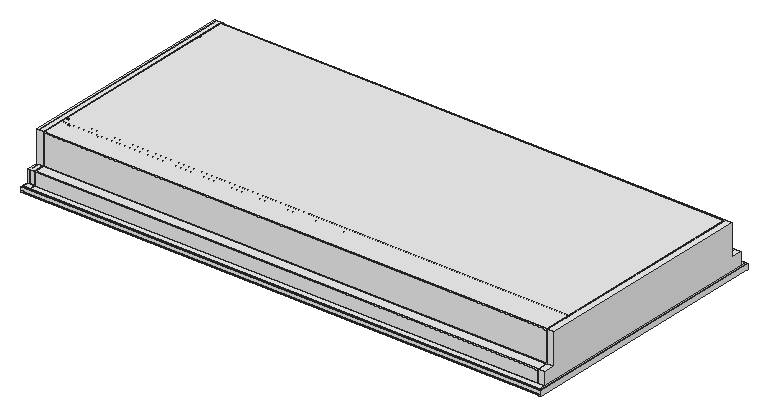
Revit family "CRUo", category Lighting Fixtures, host Ceiling, Revit 2023
Family settings
  Host = Ceiling
  Round Connector Dimension = Use Diameter
  Part Type = Normal
  OmniClass Number = 23.80.70.11.14.17
  OmniClass Title = Direct/Indirect
  Always vertical = Yes
  Cut with Voids When Loaded = No
  Light Source = Yes
  Maintain Annotation Orientation = No
  Shared = No
  Room Calculation Point = No
Parameters (values of type "CRUo-2X4-LED840K120LUNV-P103")
  Width = 1' - 11 3/4"
  Wattage = 99.0488 W
  built-in parameter 1150110 = 1 (stored number, unit not read)
  Voltage = 120 V
  URL = "https://viscor.com/products/cruo"
  built-in parameter 1114217 = 0.9 (stored number, unit not read)
  Tilt Angle = 90.00°
  built-in parameter 1150109 = 1 (stored number, unit not read)
  built-in parameter 1150134 = 12
  built-in parameter 1150113 = 1 (stored number, unit not read)
  Photometric Web File = "CRUo-2X4-LED840K120LUNV-P103.ies"
  Model = "CRUo"  # constant formula
  Manufacturer = "Certolux By Viscor"  # constant formula
  Lumens = 11975 lm
  built-in parameter 1150115 = 1 (stored number, unit not read)
  built-in parameter 1150105 = 952.94 (stored number, unit not read)
  built-in parameter 1150137 = (empty or 0)
  built-in parameter 1150139 = (empty or 0)
  Lens Finish = Polycarbonate - Viscor - Clear Lens
  Length = 3' - 11 3/4"
  Lamp Wattage = 99 VA
  built-in parameter 1150112 = 1 (stored number, unit not read)
  built-in parameter 1150114 = 1 (stored number, unit not read)
  Lamp = "LED"  # constant formula
  built-in parameter 1150132 = (empty or 0)
  built-in parameter 1150102 = (empty or 0)
  built-in parameter 1150138 = (empty or 0)
  built-in parameter 1150107 = 4000 (stored number, unit not read)
  built-in parameter 1150106 = 9.5294 (stored number, unit not read)
  Housing Finish = Metal - Viscor - White
  Emit from Rectangle Width = Width  # 1' - 11 3/4"
  Emit from Rectangle Length = Length  # 3' - 11 3/4"
  Emit Shape Visible in Rendering = no
  built-in parameter 1150104 = 11.232 (stored number, unit not read)
  Dimming Lamp Color Temperature Shift = <None>
  Description = "LED Cleanroom Recessed with Overlapping Doorframe"  # constant formula
  Default Elevation = 0' - 0"
  Color Filter = 16777215
  built-in parameter 1114218 = 1 (stored number, unit not read)
  built-in parameter 1150133 = 10 (stored number, unit not read)
  Assembly Code = ""
  Apparent Load = Lamp Wattage  # 99 VA
Types (16): name | Width | Wattage | Photometric Web File | Lumens | built-in parameter 1150105 | Lens Finish | Length | Lamp Wattage | built-in parameter 1150106 | Emit from Rectangle Width | Emit from Rectangle Length | built-in parameter 1150104 | Assembly Code | Apparent Load
  (no name) | 1' - 11 3/4" | 99.0488 W | "CRUo-2X4-LED840K120LUNV-P103.ies" | 11975 lm | 952.94 (stored number, unit not read) | Polycarbonate - Viscor - Clear Lens | 3' - 11 3/4" | 99 VA | 9.5294 (stored number, unit not read) | 1' - 11 3/4" | 3' - 11 3/4" | 11.232 (stored number, unit not read) | "" | 99 VA
  CRUo-1X4-LED840K035LUNV-DSA | 0' - 11 3/4" | 32 W | "CRUo-1X4-LED840K035LUNV-DSA.ies" | 3584 lm | 285.21 (stored number, unit not read) | Acrylic - Viscor - Frosted Prismatic P12 | 3' - 11 3/4" | 32 VA | 2.8521 (stored number, unit not read) | 0' - 11 3/4" | 3' - 11 3/4" | 10.405 (stored number, unit not read) | "" | 32 VA
  CRUo-2X2-LED840K035LUNV-DSA | 1' - 11 3/4" | 31 W | "CRUo-2X2-LED840K035LUNV-DSA.ies" | 3565 lm | 283.69 (stored number, unit not read) | Acrylic - Viscor - Frosted Prismatic P12 | 1' - 11 3/4" | 31 VA | 2.8369 (stored number, unit not read) | 1' - 11 3/4" | 1' - 11 3/4" | 10.684 (stored number, unit not read) | "" | 31 VA
  CRUo-2X4-LED840K055LUNV-DSA | 1' - 11 3/4" | 45 W | "CRUo-2X4-LED840K55LUNV-DSA.IES" | 5535 lm | 440.46 (stored number, unit not read) | Acrylic - Viscor - Frosted Prismatic P12 | 3' - 11 3/4" | 45 VA | 4.4046 (stored number, unit not read) | 1' - 11 3/4" | 3' - 11 3/4" | 11.427 (stored number, unit not read) | "" | 45 VA
  CRUo-1X4-LED840K055LUNV-DSA | 0' - 11 3/4" | 51 W | "CRUo-1X4-LED840K055LUNV-DSA.ies" | 5559 lm | 442.37 (stored number, unit not read) | Acrylic - Viscor - Frosted Prismatic P12 | 3' - 11 3/4" | 51 VA | 4.4237 (stored number, unit not read) | 0' - 11 3/4" | 3' - 11 3/4" | 10.126 (stored number, unit not read) | "" | 51 VA
  CRUo-1X4-LED840K070LUNV-DSA | 0' - 11 3/4" | 68 W | "CRUo-1X4-LED840K070LUNV-DSA.ies" | 7072 lm | 562.77 (stored number, unit not read) | Acrylic - Viscor - Frosted Prismatic P12 | 3' - 11 3/4" | 68 VA | 5.6277 (stored number, unit not read) | 0' - 11 3/4" | 3' - 11 3/4" | 9.6619 (stored number, unit not read) | "" | 68 VA
  CRUo-1X4-LED840K100LUNV-DSA | 0' - 11 3/4" | 96 W | "CRUo-1X4-LED840K100LUNV-DSA.ies" | 10080 lm | 802.14 (stored number, unit not read) | Acrylic - Viscor - Frosted Prismatic P12 | 3' - 11 3/4" | 96 VA | 8.0214 (stored number, unit not read) | 0' - 11 3/4" | 3' - 11 3/4" | 9.7548 (stored number, unit not read) | "D5020200" | 96 VA
  CRUo-2X2-LED840K055LUNV-DSA | 1' - 11 3/4" | 50 W | "CRUo-2X2-LED840K055LUNV-DSA.ies" | 5550 lm | 441.65 (stored number, unit not read) | Acrylic - Viscor - Frosted Prismatic P12 | 1' - 11 3/4" | 50 VA | 4.4165 (stored number, unit not read) | 1' - 11 3/4" | 1' - 11 3/4" | 10.312 (stored number, unit not read) | "" | 50 VA
  CRUo-2X2-LED840K070LUNV-DSA | 1' - 11 3/4" | 65 W | "CRUo-2X2-LED840K070LUNV-DSA.ies" | 7020 lm | 558.63 (stored number, unit not read) | Acrylic - Viscor - Frosted Prismatic P12 | 1' - 11 3/4" | 65 VA | 5.5863 (stored number, unit not read) | 1' - 11 3/4" | 1' - 11 3/4" | 10.034 (stored number, unit not read) | "" | 65 VA
  CRUo-2X2-LED840K100LUNV-DSA | 1' - 11 3/4" | 93 W | "CRUo-2X2-LED840K100LUNV-DSA.ies" | 10137 lm | 806.68 (stored number, unit not read) | Acrylic - Viscor - Frosted Prismatic P12 | 1' - 11 3/4" | 93 VA | 8.0668 (stored number, unit not read) | 1' - 11 3/4" | 1' - 11 3/4" | 10.126 (stored number, unit not read) | "" | 93 VA
  CRUo-2X4-LED840K070LUNV-DSA | 1' - 11 3/4" | 59 W | "CRUo-2X4-LED840K70LUNV-DSA.IES" | 7080 lm | 563.41 (stored number, unit not read) | Acrylic - Viscor - Frosted Prismatic P12 | 3' - 11 3/4" | 59 VA | 5.6341 (stored number, unit not read) | 1' - 11 3/4" | 3' - 11 3/4" | 11.148 (stored number, unit not read) | "" | 59 VA
  CRUo-2X4-LED840K100LUNV-DSA | 1' - 11 3/4" | 80 W | "CRUo-2X4-LED840K100LUNV-DSA.ies" | 10080 lm | 802.14 (stored number, unit not read) | Acrylic - Viscor - Frosted Prismatic P12 | 3' - 11 3/4" | 80 VA | 8.0214 (stored number, unit not read) | 1' - 11 3/4" | 3' - 11 3/4" | 11.706 (stored number, unit not read) | "" | 80 VA
  CRUo-2X4-LED840K120LUNV-DSA | 1' - 11 3/4" | 99 W | "CRUo-2X4-LED840K120LUNV-DSA.ies" | 12078 lm | 961.14 (stored number, unit not read) | Acrylic - Viscor - Frosted Prismatic P12 | 3' - 11 3/4" | 99 VA | 9.6114 (stored number, unit not read) | 1' - 11 3/4" | 3' - 11 3/4" | 11.334 (stored number, unit not read) | "" | 99 VA
  CRUo-2X4-LED840K180LUNV-DSA | 1' - 11 3/4" | 143 W | "CRUo-2X4-LED840K180LUNV-DSA.ies" | 18161 lm | 1445.2 (stored number, unit not read) | Acrylic - Viscor - Frosted Prismatic P12 | 3' - 11 3/4" | 143 VA | 14.452 (stored number, unit not read) | 1' - 11 3/4" | 3' - 11 3/4" | 11.799 (stored number, unit not read) | "" | 143 VA
  CRUo-2X4-LED840K240LUNV-DSA | 1' - 11 3/4" | 198 W | "CRUo-2X4-LED840K240LUNV-DSA.ies" | 24156 lm | 1922.3 (stored number, unit not read) | Acrylic - Viscor - Frosted Prismatic P12 | 3' - 11 3/4" | 198 VA | 19.223 (stored number, unit not read) | 1' - 11 3/4" | 3' - 11 3/4" | 11.334 (stored number, unit not read) | "" | 198 VA
  CRUo-2X4-LED840K120LUNV-P103 | 1' - 11 3/4" | 99.0488 W | "CRUo-2X4-LED840K120LUNV-P103.ies" | 11975 lm | 952.94 (stored number, unit not read) | Polycarbonate - Viscor - Clear Lens | 3' - 11 3/4" | 99 VA | 9.5294 (stored number, unit not read) | 1' - 11 3/4" | 3' - 11 3/4" | 11.232 (stored number, unit not read) | "" | 99 VA
Reference planes (in)
  plane 1 "Light Source Axis (F/B)": y = 0
  plane 2 "Ceiling": z = 96
  plane 3 "Light Source Axis (L/R)": x = 0
  plane 4 "Light Source Elevation": z = 95
  plane 5: y = 11.875
  plane 6: y = -11.875
  plane 7 "Left": x = -23.875
  plane 8 "Right": x = 23.875
  plane 9: x = -23.25
  plane 10: x = 23.25
  plane 11: x = -22.625
  plane 12: x = 22.625
  plane 13 "USofFrame": z = 96.045
  plane 14: y = -11.25
  plane 15: y = 11.25
  plane 16 "Lens": z = 96.17
  plane 17: x = -24
  plane 18: x = 24
Forms (in)
  Extrusion 1, solid, material "Metal - Viscor - White" <- "Housing Finish"
    sketch origin (0, 0, 0) x (0, 1, 0) y (0, 0, 1)
      loop
        arc (11.3015, 97.168) -> (11.28217, 97.21467) -> (11.2355, 97.234) r 0.066
        line (11.2355, 97.234) -> (10.3115, 97.234)
        arc (10.3115, 97.234) -> (10.29029, 97.24279) -> (10.2815, 97.264) r 0.03
        line (10.2815, 97.264) -> (10.2815, 100.007)
        arc (10.2815, 100.007) -> (10.26217, 100.05367) -> (10.2155, 100.073) r 0.066
        line (10.2155, 100.073) -> (-10.2155, 100.073)
        arc (-10.2155, 100.073) -> (-10.26217, 100.05367) -> (-10.2815, 100.007) r 0.066
        line (-10.2815, 100.007) -> (-10.2815, 97.264)
        arc (-10.2815, 97.264) -> (-10.29029, 97.24279) -> (-10.3115, 97.234) r 0.03
        line (-10.3115, 97.234) -> (-11.2355, 97.234)
        arc (-11.2355, 97.234) -> (-11.28217, 97.21467) -> (-11.3015, 97.168) r 0.066
        line (-11.3015, 97.168) -> (-11.3015, 96.073) -> (-11.26634, 96.073) -> (-11.26634, 97.168)
        arc (-11.26634, 97.168) -> (-11.25731, 97.18981) -> (-11.2355, 97.19884) r 0.03084
        line (-11.2355, 97.19884) -> (-10.3115, 97.19884)
        arc (-10.3115, 97.19884) -> (-10.26543, 97.21793) -> (-10.24634, 97.264) r 0.06516
        line (-10.24634, 97.264) -> (-10.24634, 100.007)
        arc (-10.24634, 100.007) -> (-10.23731, 100.02881) -> (-10.2155, 100.03784) r 0.03084
        line (-10.2155, 100.03784) -> (10.2155, 100.03784)
        arc (10.2155, 100.03784) -> (10.23731, 100.02881) -> (10.24634, 100.007) r 0.03084
        line (10.24634, 100.007) -> (10.24634, 97.264)
        arc (10.24634, 97.264) -> (10.26543, 97.21793) -> (10.3115, 97.19884) r 0.06516
        line (10.3115, 97.19884) -> (11.2355, 97.19884)
        arc (11.2355, 97.19884) -> (11.25731, 97.18981) -> (11.26634, 97.168) r 0.03084
        line (11.26634, 97.168) -> (11.26634, 96.073) -> (11.3015, 96.073) -> (11.3015, 97.168)
    from -23.25 to 23.25
  Extrusion 2, solid
    sketch origin (0, 0, 0) x (0, 1, 0) y (0, 0, 1)
      loop
        arc (7.664, 100.03702) -> (7.61097, 100.01506) -> (7.58901, 99.96204) r 0.07499
        line (7.58901, 99.96204) -> (7.589, 99.487)
        arc (7.589, 99.487) -> (7.57758, 99.45942) -> (7.55, 99.448) r 0.039
        line (7.55, 99.448) -> (-7.55, 99.448)
        arc (-7.55, 99.448) -> (-7.57758, 99.45942) -> (-7.589, 99.487) r 0.039
        line (-7.589, 99.487) -> (-7.589, 99.96195)
        arc (-7.589, 99.96195) -> (-7.61097, 100.01498) -> (-7.664, 100.037) r 0.075
        line (-7.664, 100.037) -> (-8.214, 100.037) -> (-8.214, 100.00184) -> (-7.664, 100.00179)
        arc (-7.664, 100.00179) -> (-7.63583, 99.99012) -> (-7.62416, 99.96195) r 0.03984
        line (-7.62416, 99.96195) -> (-7.62416, 99.487)
        arc (-7.62416, 99.487) -> (-7.60244, 99.43456) -> (-7.55, 99.41284) r 0.07416
        line (-7.55, 99.41284) -> (7.55, 99.41284)
        arc (7.55, 99.41284) -> (7.60244, 99.43456) -> (7.62417, 99.487) r 0.07416
        line (7.62417, 99.487) -> (7.62417, 99.96204)
        arc (7.62417, 99.96204) -> (7.63583, 99.9902) -> (7.664, 100.00187) r 0.03983
        line (7.664, 100.00187) -> (8.214, 100.00187) -> (8.214, 100.03702) -> (7.664, 100.03702)
    from -23.25 to 23.25
  Extrusion 3, solid, material "Metal - Viscor - White" <- "Housing Finish"
    sketch origin (0, 0, 0) x (0, 1, 0) y (0, 0, 1)
      loop
        line (11.299, 96.095) -> (11.299, 97.234) -> (10.2815, 97.234) -> (10.2815, 100.073) -> (-10.2815, 100.073) -> (-10.2815, 97.234) -> (-11.3015, 97.234) -> (-11.3015, 96.095) -> (11.299, 96.095)
    from -23.875 to -23.25
  Extrusion 4, void
    sketch origin (-23.25, 0, 0) x (0, -1, 0) y (0, 0, 1)
      loop
        line (10.24634, 100.03784) -> (-10.24634, 100.03784) -> (-10.24634, 97.19884) -> (-11.26384, 97.19884) -> (-11.26384, 96.13016) -> (11.26634, 96.13016) -> (11.26634, 97.19884) -> (10.24634, 97.19884) -> (10.24634, 100.03784)
    from 0 to 0.47339
  Extrusion 5, solid, material "Metal - Viscor - White" <- "Housing Finish"
    sketch origin (0, 0, 0) x (0, 1, 0) y (0, 0, -1)
      loop
        line (11.299, -96.095) -> (-11.3015, -96.095) -> (-11.3015, -97.234) -> (-10.2815, -97.234) -> (-10.2815, -100.073) -> (10.2815, -100.073) -> (10.2815, -97.234) -> (11.299, -97.234) -> (11.299, -96.095)
    from -23.875 to -23.25
  Extrusion 6, void
    sketch origin (23.25, 0, 0) x (0, -1, 0) y (0, 0, -1)
      loop
        line (10.24634, -100.03784) -> (10.24634, -97.19884) -> (11.26634, -97.19884) -> (11.26634, -96.13016) -> (-11.26384, -96.13016) -> (-11.26384, -97.19884) -> (-10.24634, -97.19884) -> (-10.24634, -100.03784) -> (10.24634, -100.03784)
    from 0 to 0.47339
  Extrusion 7, solid, material "Metal - Viscor - White" <- "Housing Finish"
    sketch origin (0, 0, 0) x (0, 1, 0) y (0, 0, 1)
      loop
        line (10.39827, 96.724) -> (9.1406, 97.23213) -> (7.45632, 99.38791)
        arc (7.45632, 99.38791) -> (7.43432, 99.40566) -> (7.40677, 99.412) r 0.063
        line (7.40677, 99.412) -> (6.8125, 99.412) -> (6.8125, 99.38075) -> (7.42226, 99.38075) -> (9.12113, 97.20629) -> (10.38657, 96.69503) -> (10.39827, 96.724)
    from -22.625 to 22.625
  Extrusion 8, solid, material "Metal - Viscor - White" <- "Housing Finish"
    sketch origin (0, 0, 0) x (0, -1, 0) y (0, 0, -1)
      loop
        line (10.39827, -96.724) -> (10.38657, -96.69503) -> (9.12113, -97.20629) -> (7.42226, -99.38075) -> (6.8125, -99.38075) -> (6.8125, -99.412) -> (7.40677, -99.412)
        arc (7.40677, -99.412) -> (7.43432, -99.40566) -> (7.45632, -99.38791) r 0.063
        line (7.45632, -99.38791) -> (9.1406, -97.23213) -> (10.39827, -96.724)
    from -22.625 to 22.625
  Extrusion 9, solid, material "Metal - Viscor - White" <- "Housing Finish"
    sketch origin (0, 0, 0) x (0, 1, 0) y (0, 0, 1)
      loop
        line (11.8745, 96) -> (11.8745, 96.04687) -> (11.2715, 96.04688)
        arc (11.2715, 96.04688) -> (11.24313, 96.05863) -> (11.23067, 96.087) r 0.04012
        line (11.23067, 96.087) -> (11.23067, 96.63488) -> (-11.23138, 96.63488) -> (-11.23138, 96.087)
        arc (-11.23138, 96.087) -> (-11.24313, 96.05863) -> (-11.2715, 96.04687) r 0.04012
        line (-11.2715, 96.04687) -> (-11.8745, 96.04687) -> (-11.8745, 96) -> (-11.2715, 96)
        arc (-11.2715, 96) -> (-11.20998, 96.02548) -> (-11.1845, 96.087) r 0.087
        line (-11.1845, 96.087) -> (-11.1845, 96.588) -> (11.18379, 96.588) -> (11.1845, 96.087)
        arc (11.1845, 96.087) -> (11.20998, 96.02548) -> (11.2715, 96) r 0.087
        line (11.2715, 96) -> (11.8745, 96)
    from -23.875 to 23.875
  Extrusion 10, solid, material "Metal - Viscor - White" <- "Housing Finish"
    sketch origin (0, 0, 96) x (1, 0, 0) y (0, 1, 0)
      loop
        line (-23.875, -11.875) -> (-23.25, -11.875) -> (-23.25, 11.875) -> (-23.875, 11.875) -> (-23.875, -11.875)
    from 0 to 0.045
  Extrusion 11, solid, material "Metal - Viscor - White" <- "Housing Finish"
    sketch origin (0, 0, 96) x (1, 0, 0) y (0, 1, 0)
      loop
        line (23.25, -11.875) -> (23.875, -11.875) -> (23.875, 11.875) -> (23.25, 11.875) -> (23.25, -11.875)
    from 0 to 0.045
  Extrusion 12, solid, material "Metal - Viscor - White" <- "Housing Finish"
    sketch origin (0, 0, 96) x (1, 0, 0) y (0, 1, 0)
      loop
        line (-23.25, -11.25) -> (23.25, -11.25) -> (23.25, 11.25) -> (-23.25, 11.25) -> (-23.25, -11.25)
      loop
        line (-22, -10) -> (22, -10) -> (22, 10) -> (-22, 10) -> (-22, -10)
    from 0 to 0.045
  Extrusion 13, void
    sketch origin (43.99109, -53.88196, 0) x (1, 0, 0) y (0, 1, 0)
      loop
        line (-67.86609, 65.75696) -> (-67.86609, 42.00696) -> (-20.11609, 42.00696) -> (-20.11609, 65.75696) -> (-67.86609, 65.75696)
    from 95.75084 to 100.31985
  Extrusion 14, solid, material "Metal - Viscor - White" <- "Housing Finish"
    sketch origin (0, 0, 0) x (0, 1, 0) y (0, 0, 1)
      loop
        line (12, 96) -> (-12, 96) -> (-12, 95.67)
        arc (-12, 95.67) -> (-11.96339, 95.58161) -> (-11.875, 95.545) r 0.125
        line (-11.875, 95.545) -> (11.875, 95.545)
        arc (11.875, 95.545) -> (11.96339, 95.58161) -> (12, 95.67) r 0.125
        line (12, 95.67) -> (12, 96)
    from -24 to 24
  Extrusion 15, void
    sketch origin (0, 0, 96) x (1, 0, 0) y (0, 1, 0)
      loop
        line (-23.9375, -11.9375) -> (23.9375, -11.9375) -> (23.9375, 11.8125) -> (-23.9375, 11.8125) -> (-23.9375, -11.9375)
    from -0.35273 to 0
  Extrusion 16, void
    sketch origin (0, 0, 96) x (1, 0, 0) y (0, 1, 0)
      loop
        line (-21.875, -9.875) -> (21.875, -9.875) -> (21.875, 9.875) -> (-21.875, 9.875) -> (-21.875, -9.875)
    from -0.455 to 0.087
  Extrusion 17, solid, material "Polycarbonate - Viscor - Clear Lens" <- "Lens Finish"
    sketch origin (0, -0.05761, 0) x (0, 1, 0) y (0, 0, 1)
      loop
        line (10.18261, 95.64727) -> (10.18261, 95.89727) -> (-10.2081, 95.89727) -> (-10.2081, 95.64727) -> (10.18261, 95.64727)
    from -22.34151 to 22.24611
Cuts and joins
  Extrusion 4, Extrusion 6 cuts Extrusion 2
  Extrusion 4, Extrusion 6 cuts Extrusion 3
  Extrusion 6 cuts Extrusion 5
  Extrusion 15, Extrusion 16 cuts Extrusion 14
Dimensions and locks (in)
  equal spacing: host sketch curve, plane 3 "Light Source Axis (L/R)", host sketch curve
  equal spacing: host sketch curve, plane 1 "Light Source Axis (F/B)", host sketch curve
  host sketch curve to host sketch curve = 10' - 0"  (x2)
  locked: import instance to host ceiling at 4.109
  equal spacing: plane 7 "Left", plane 3 "Light Source Axis (L/R)", plane 8 "Right"
  "Length": plane 7 "Left" to plane 8 "Right"
  equal spacing: plane 5, plane 1 "Light Source Axis (F/B)", plane 6
  "Width": plane 5 to plane 6
  locked: plane 11 to plane 9 at 0.625
  locked: plane 7 "Left" to plane 9 at 0.625
  plane 12 to plane 10 = 0' - 0 5/8"
  plane 10 to plane 8 "Right" = 0' - 0 5/8"
  locked: plane 13 "USofFrame" to plane 2 "Ceiling" at 0.045
  equal spacing: plane 5, Extrusion 12 sketch curve, Extrusion 12 sketch curve
  equal spacing: plane 7 "Left", Extrusion 12 sketch curve, Extrusion 12 sketch curve
  locked: plane 6 to Extrusion 12 sketch curve at 0.625
  locked: plane 8 "Right" to Extrusion 12 sketch curve at 0.625
  plane 16 "Lens" to plane 13 "USofFrame" = 0' - 0 1/8"
  plane 5 to plane 6 = 1' - 11 3/4"
  locked: Extrusion 14 sketch curve to plane 5 at 0.125
  locked: plane 6 to Extrusion 14 sketch curve at 0.125
  locked: Extrusion 14 sketch curve to Extrusion 14 sketch curve at 0.455
  locked: plane 17 to plane 7 "Left" at 0.125
  locked: Extrusion 17 to plane 5 at 1.75
  locked: Extrusion 17 to plane 11 at 0.28349
  locked: plane 12 to Extrusion 17 at 0.37889
  plane 8 "Right" to plane 7 "Left" = 3' - 11 3/4"
  locked: plane 18 to plane 8 "Right" at 0.125
  plane 2 "Ceiling" to plane 4 "Light Source Elevation" = 0' - 1"
  aligned and locked: plane 3 "Light Source Axis (L/R)" to imposter light
  aligned and locked: plane 1 "Light Source Axis (F/B)" to imposter light
  aligned and locked: plane 4 "Light Source Elevation" to imposter light
  aligned and locked: Extrusion 1 to plane 9
  aligned and locked: plane 10 to Extrusion 1
  aligned and locked: Extrusion 2 to plane 9
  aligned and locked: plane 10 to Extrusion 2
  aligned and locked: Extrusion 3 to plane 7 "Left"
  aligned and locked: plane 9 to Extrusion 3
  aligned and locked: Extrusion 7 to plane 11
  aligned and locked: plane 12 to Extrusion 7
  aligned and locked: Extrusion 8 to plane 11
  aligned and locked: plane 12 to Extrusion 8
  aligned and locked: plane 8 "Right" to cut or joined group of Extrusion 5, Extrusion 6
  aligned and locked: cut or joined group of Extrusion 5, Extrusion 6 to plane 10
  aligned and locked: Extrusion 9 to plane 7 "Left"
  aligned and locked: plane 8 "Right" to Extrusion 9
  aligned and locked: Extrusion 10 sketch curve to plane 7 "Left"
  aligned and locked: plane 9 to Extrusion 10 sketch curve
  aligned and locked: plane 13 "USofFrame" to Extrusion 10
  aligned and locked: Extrusion 11 sketch curve to plane 10
  aligned and locked: Extrusion 11 sketch curve to plane 6
  aligned and locked: plane 5 to Extrusion 11 sketch curve
  aligned and locked: plane 13 "USofFrame" to Extrusion 11
  aligned and locked: plane 13 "USofFrame" to Extrusion 12
  aligned and locked: Extrusion 13 to plane 7 "Left"
  aligned and locked: plane 8 "Right" to Extrusion 13
  aligned and locked: Extrusion 13 to plane 6
  aligned and locked: plane 5 to Extrusion 13
  aligned and locked: Extrusion 14 to plane 17
  aligned and locked: Extrusion 14 to plane 18
Automatic sketch dimensions
  Extrusion 1 sketch curve to Extrusion 1 sketch curve = 0' - 0"  (x12)
  plane 2 "Ceiling" to Extrusion 1 sketch curve = 0' - 0.073"  (x2)
  plane 6 to Extrusion 1 sketch curve = 0' - 0.5735"
  Extrusion 1 sketch curve to Extrusion 1 sketch curve = 0' - 0 9/256"
  Extrusion 1 sketch curve to Extrusion 1 sketch curve = 0' - 0.03084"  (x4)
  Extrusion 1 sketch curve to Extrusion 1 sketch curve = 0' - 0.924"
  Extrusion 1 sketch curve to Extrusion 1 sketch curve = 0' - 0.03"  (x2)
  Extrusion 1 sketch curve to plane 5 = 0' - 1.6595"
  Extrusion 1 sketch curve to plane 5 = 0' - 0.6395"
  Extrusion 1 sketch curve to Extrusion 1 sketch curve = 0' - 1.095"  (x2)
  Extrusion 1 sketch curve to Extrusion 1 sketch curve = 0' - 2.743"
  Extrusion 2 sketch curve to Extrusion 2 sketch curve = 0' - 0"  (x18)
  plane 6 to Extrusion 2 sketch curve = 0' - 3.661"
  Extrusion 2 sketch curve to Extrusion 2 sketch curve = 0' - 0.55"  (x2)
  Extrusion 2 sketch curve to Extrusion 2 sketch curve = 0' - 0.03984"
  Extrusion 2 sketch curve to Extrusion 2 sketch curve = 0' - 0 9/256"  (x4)
  Extrusion 2 sketch curve to Extrusion 2 sketch curve = 0' - 0.039"  (x3)
  Extrusion 2 sketch curve to plane 5 = 0' - 4.325"
  Extrusion 2 sketch curve to Extrusion 2 sketch curve = 0' - 0.03901"
  Extrusion 2 sketch curve to Extrusion 2 sketch curve = 0' - 0.03983"
  plane 2 "Ceiling" to Extrusion 2 sketch curve = 0' - 3.41284"
  Extrusion 2 sketch curve to Extrusion 2 sketch curve = 0' - 0.47495"
  Extrusion 2 sketch curve to Extrusion 2 sketch curve = 0' - 0.47504"
  Extrusion 2 sketch curve to Extrusion 2 sketch curve = 0' - 0.00005"
  plane 2 "Ceiling" to Extrusion 3 sketch curve = 0' - 0.095"
  plane 6 to Extrusion 3 sketch curve = 0' - 0.5735"
  Extrusion 3 sketch curve to Extrusion 3 sketch curve = 0' - 1.02"
  Extrusion 3 sketch curve to plane 5 = 0' - 1.5935"
  Extrusion 3 sketch curve to plane 5 = 0' - 0.576"
  Extrusion 3 sketch curve to Extrusion 3 sketch curve = 0' - 1.139"  (x2)
  Extrusion 3 sketch curve to Extrusion 3 sketch curve = 0' - 2.839"
  Extrusion 3 to Extrusion 4 sketch curve = 0' - 0 9/256"  (x8)
  plane 2 "Ceiling" to Extrusion 5 sketch curve = 0' - 0.095"
  plane 6 to Extrusion 5 sketch curve = 0' - 0.5735"
  Extrusion 5 sketch curve to Extrusion 5 sketch curve = 0' - 1.02"
  Extrusion 5 sketch curve to plane 5 = 0' - 1.5935"
  Extrusion 5 sketch curve to plane 5 = 0' - 0.576"
  plane 2 "Ceiling" to Extrusion 5 sketch curve = 0' - 1.234"
  Extrusion 5 sketch curve to Extrusion 5 sketch curve = 0' - 1.139"
  Extrusion 5 sketch curve to Extrusion 5 sketch curve = 0' - 2.839"
  Extrusion 5 to Extrusion 6 sketch curve = 0' - 0 9/256"  (x8)
  Extrusion 7 sketch curve to plane 5 = 0' - 5 1/16"
  Extrusion 7 sketch curve to Extrusion 7 sketch curve = 0' - 0.59427"
  Extrusion 7 sketch curve to Extrusion 7 sketch curve = 0' - 0.01549"
  Extrusion 7 sketch curve to Extrusion 7 sketch curve = 0' - 0.03406"
  plane 2 "Ceiling" to Extrusion 7 sketch curve = 0' - 1.20629"
  Extrusion 7 sketch curve to Extrusion 7 sketch curve = 0' - 1.71436"
  plane 2 "Ceiling" to Extrusion 7 sketch curve = 0' - 1.23213"
  Extrusion 7 sketch curve to Extrusion 7 sketch curve = 0' - 0.01947"
  plane 2 "Ceiling" to Extrusion 7 sketch curve = 0' - 0.69503"
  Extrusion 7 sketch curve to Extrusion 7 sketch curve = 0' - 1.24597"
  Extrusion 7 sketch curve to Extrusion 7 sketch curve = 0' - 2.11687"
  Extrusion 7 sketch curve to Extrusion 7 sketch curve = 0' - 0.03175"
  Extrusion 7 sketch curve to Extrusion 7 sketch curve = 0' - 0.00716"
  Extrusion 7 sketch curve to Extrusion 7 sketch curve = 0' - 0 1/32"
  Extrusion 7 sketch curve to Extrusion 7 sketch curve = 0' - 0"
  Extrusion 8 sketch curve to plane 6 = 0' - 5 1/16"
  Extrusion 8 sketch curve to Extrusion 8 sketch curve = 0' - 0.59427"
  Extrusion 8 sketch curve to Extrusion 8 sketch curve = 0' - 0.01549"
  Extrusion 8 sketch curve to Extrusion 8 sketch curve = 0' - 0.03406"
  Extrusion 8 sketch curve to plane 2 "Ceiling" = 0' - 1.20629"
  Extrusion 8 sketch curve to Extrusion 8 sketch curve = 0' - 1.71436"
  Extrusion 8 sketch curve to plane 2 "Ceiling" = 0' - 1.23213"
  Extrusion 8 sketch curve to Extrusion 8 sketch curve = 0' - 0.01947"
  Extrusion 8 sketch curve to plane 2 "Ceiling" = 0' - 0.69503"
  Extrusion 8 sketch curve to Extrusion 8 sketch curve = 0' - 1.24597"
  Extrusion 8 sketch curve to Extrusion 8 sketch curve = 0' - 2.11687"
  Extrusion 8 sketch curve to Extrusion 8 sketch curve = 0' - 0.03175"
  Extrusion 8 sketch curve to Extrusion 8 sketch curve = 0' - 0.00716"
  Extrusion 8 sketch curve to Extrusion 8 sketch curve = 0' - 0 1/32"
  Extrusion 8 sketch curve to Extrusion 8 sketch curve = 0' - 0"
  Extrusion 9 sketch curve to Extrusion 9 sketch curve = 0' - 0"  (x15)
  plane 6 to Extrusion 9 sketch curve = 0' - 0.0005"
  plane 2 "Ceiling" to Extrusion 9 sketch curve = 0' - 0.087"  (x2)
  plane 6 to Extrusion 9 sketch curve = 0' - 0.6035"
  Extrusion 9 sketch curve to Extrusion 9 sketch curve = 0' - 0.04013"
  Extrusion 9 sketch curve to Extrusion 9 sketch curve = 0' - 0 3/64"  (x3)
  Extrusion 9 sketch curve to plane 5 = 0' - 0.69121"
  Extrusion 9 sketch curve to Extrusion 9 sketch curve = 0' - 0.04083"
  plane 2 "Ceiling" to Extrusion 9 sketch curve = 0' - 0 3/64"
  Extrusion 9 sketch curve to plane 2 "Ceiling" = 0' - 0"  (x2)
  Extrusion 9 sketch curve to Extrusion 9 sketch curve = 0' - 0.501"
  Extrusion 9 sketch curve to Extrusion 9 sketch curve = 0' - 0.00071"  (x2)
  Extrusion 9 sketch curve to plane 5 = 0' - 0.0005"
  Extrusion 10 sketch curve to plane 6 = 0' - 0"
  Extrusion 10 sketch curve to plane 5 = 0' - 0"
  Extrusion 11 sketch curve to plane 8 "Right" = 0' - 0"
  Extrusion 12 sketch curve to plane 9 = 0' - 0"
  plane 11 to Extrusion 12 sketch curve = 0' - 0 5/8"
  Extrusion 12 sketch curve to plane 12 = 0' - 0 5/8"
  Extrusion 12 sketch curve to Extrusion 12 sketch curve = 0' - 1 1/4"
  Extrusion 12 sketch curve to plane 5 = 0' - 1 7/8"
  Extrusion 12 sketch curve to plane 5 = 0' - 0 5/8"
  Extrusion 13 sketch curve to plane 5 = 1' - 11 3/4"
  Extrusion 13 sketch curve to plane 7 "Left" = 0' - 0"
  plane 7 "Left" to Extrusion 13 sketch curve = 3' - 11 3/4"
  Extrusion 13 sketch curve to Extrusion 13 sketch curve = 1' - 11 3/4"
  Extrusion 14 sketch curve to plane 6 = 0' - 0"
  Extrusion 14 sketch curve to plane 5 = 0' - 0"
  Extrusion 14 sketch curve to plane 2 "Ceiling" = 0' - 0"
  Extrusion 15 sketch curve to plane 7 "Left" = 0' - 0 1/16"
  plane 8 "Right" to Extrusion 15 sketch curve = 0' - 0 1/16"
  Extrusion 15 sketch curve to plane 6 = 0' - 0 1/16"
  Extrusion 15 sketch curve to plane 5 = 0' - 0 1/16"
  plane 11 to Extrusion 16 sketch curve = 0' - 0 3/4"
  Extrusion 16 sketch curve to plane 12 = 0' - 0 3/4"
  plane 6 to Extrusion 16 sketch curve = 0' - 2"
  Extrusion 16 sketch curve to plane 5 = 0' - 2"
  Extrusion 17 sketch curve to plane 2 "Ceiling" = 0' - 0.35273"
  plane 6 to Extrusion 17 sketch curve = 0' - 1.60929"
  Extrusion 17 sketch curve to plane 2 "Ceiling" = 0' - 0.10273"
  Extrusion 17 sketch curve to plane 5 = 0' - 1 3/4"
Connectors (in)
  electrical at (0, 0, 96), driven by "Voltage", driven by "Apparent Load"
    settings: index 1, voltage 120 V, apparent load 0 VA, apparent load phase1 99 VA, apparent load phase2 0 VA, apparent load phase3 0 VA, power factor 1, load classification "Other", number of poles 1, system type 31, power factor state 1, is connector primary yes, connector utility no, sub classification motor no, connector description ""
